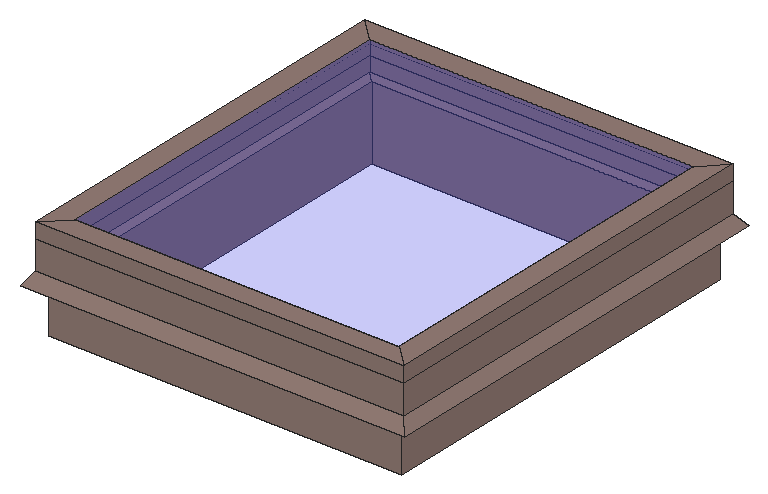
Revit family
Parameters (values of type "0610 x 0686mm")
  Sash Material = Metal - Bronze, Light Brush
  Glass Pane Material = Glass
  Height = 686.00 mm
  Type Comments = ""
  Width = 610.00 mm
  Frame Material = Metal - Bronze, Light Brush
Types (6, lengths in mm): name | Height | Width
  (no name) | 686.00 | 610.00
  0711 x 0965mm | 965.00 | 711.00
  0610 x 0686mm | 686.00 | 610.00
  0406 x 1170mm | 1170.00 | 406.00
  1180 x 1170mm | 1170.00 | 1118.00
  0711 x 1830mm | 1830.00 | 711.00
Reference planes
  plane 1 "Roof": z = 3657.6
  plane 2 "Right": x = 279.84
  plane 3 "Left": x = -330.16
  plane 4 "Top": y = 395.504
  plane 5 "Bottom": y = -290.496
  plane 6 "Face": z = 3810
  plane 7 "Center (Left/Right)": x = -25.16
  plane 8 "Center (Front/Back)": y = 52.504
Forms (mm)
  Sweep 1, solid, material "Metal - Bronze, Light Brush" <- "Frame Material"
    path origin (0, 0, 3810) x (-1, 0, 0) y (0, -1, 0)
      loop
        line (330.16, 290.496) -> (-279.84, 290.496) -> (-279.84, -395.504) -> (330.16, -395.504) -> (330.16, 290.496)
    profile origin (-25.16, 0, 3810) x (0, 1, 0) y (0, 0, 1)
      loop
        line (-246.046, 0) -> (-246.046, 127) -> (-265.096, 127) -> (-265.096, 152.4) -> (-290.496, 152.4) -> (-290.496, 0) -> (-246.046, 0)
  Sweep 2, solid, material "Metal - Bronze, Light Brush" <- "Sash Material"
    path origin (0, 0, 3810) x (-1, 0, 0) y (0, -1, 0)
      loop
        line (330.16, -395.504) -> (330.16, 290.496) -> (-279.84, 290.496) -> (-279.84, -395.504) -> (330.16, -395.504)
    profile origin (-25.16, 0, 3810) x (0, 1, 0) y (0, 0, 1)
      loop
        line (370.104, 152.4) -> (395.504, 152.4) -> (401.854, 152.4) -> (401.854, 99.598) -> (417.571, 77.151) -> (422.773, 80.794) -> (408.204, 101.6) -> (408.204, 152.4) -> (408.204, 177.8) -> (370.104, 177.8) -> (370.104, 152.4)
  Extrusion 3, solid, material "Glass" <- "Glass Pane Material"
    sketch origin (-304.76, -265.096, 3987.8) x (0, 1, 0) y (-1, 0, 0)
      loop
        line (0, 0) -> (0, -559.2) -> (635.2, -559.2) -> (635.2, 0) -> (0, 0)
    from 0 to -6.35
Lines and regions (mm)
  Opening 1
    outline origin (0, 0, 3810) x (0, 1, 0) y (-1, 0, 0)
      loop
        line (351.054, 285.71) -> (-246.046, 285.71) -> (-246.046, -235.39) -> (351.054, -235.39) -> (351.054, 285.71)
  sketch lines
    curve 1: line (-1599.76, 1436.904, 0) -> (1448.24, 1436.904, 0)
    curve 2: line (-1599.76, 1436.904, 0) -> (-1599.76, -1611.096, 0)
    curve 3: line (-1599.76, -1611.096, 0) -> (1448.24, -1611.096, 0)
    curve 4: line (1448.24, 1436.904, 0) -> (1448.24, -1611.096, 0)
  symbolic lines, style "WindowsFrameMullionProjection"
    curve 5: line (-330.16, 395.504, 3810) -> (279.84, 395.504, 3810)
    curve 6: line (-330.16, -290.496, 3810) -> (-330.16, 395.504, 3810)
    curve 7: line (279.84, -290.496, 3810) -> (-330.16, -290.496, 3810)
    curve 8: line (279.84, 395.504, 3810) -> (279.84, -290.496, 3810)
    curve 9: line (-304.76, 370.104, 3810) -> (254.44, 370.104, 3810)
    curve 10: line (-304.76, -265.096, 3810) -> (-304.76, 370.104, 3810)
    curve 11: line (254.44, -265.096, 3810) -> (-304.76, -265.096, 3810)
    curve 12: line (254.44, 370.104, 3810) -> (254.44, -265.096, 3810)
Dimensions and locks
  curve 2 to curve 4 = 3048.00 mm
  curve 3 to curve 1 = 3048.00 mm
  "Width": plane 3 "Left" to plane 2 "Right"
  "Height": plane 5 "Bottom" to plane 4 "Top"
  equal spacing: plane 3 "Left", plane 7 "Center (Left/Right)", plane 2 "Right"
  equal spacing: plane 5 "Bottom", plane 8 "Center (Front/Back)", plane 4 "Top"
  aligned and locked: level to plane 1 "Roof"
  aligned and locked: plane 6 "Face" to host roof
Automatic sketch dimensions
  Opening 1 sketch curve to plane 3 "Left" = 44.45 mm
  plane 5 "Bottom" to Opening 1 sketch curve = 44.45 mm
  plane 4 "Top" to Opening 1 sketch curve = 44.45 mm
  plane 2 "Right" to Opening 1 sketch curve = 44.45 mm
  Sweep 1 sketch curve to plane 2 "Right" = 0.00 mm
  Sweep 1 sketch curve to plane 3 "Left" = 0.00 mm
  Sweep 1 sketch curve to plane 4 "Top" = 0.00 mm
  Sweep 1 sketch curve to plane 5 "Bottom" = 0.00 mm
  Sweep 1 sketch curve to plane 6 "Face" = 0.00 mm
  Sweep 1 sketch curve to profile plane = 0.00 mm
  Sweep 1 sketch curve to profile plane = 25.40 mm
  Sweep 1 sketch curve to Sweep 1 sketch curve = 19.05 mm
  Sweep 1 sketch curve to plane 6 "Face" = 127.00 mm
  Sweep 1 sketch curve to Sweep 1 sketch curve = 25.40 mm
  Sweep 2 sketch curve to plane 2 "Right" = 0.00 mm
  Sweep 2 sketch curve to plane 3 "Left" = 0.00 mm
  Sweep 2 sketch curve to plane 4 "Top" = 0.00 mm
  Sweep 2 sketch curve to plane 5 "Bottom" = 0.00 mm
  Sweep 2 sketch curve to profile plane = 0.00 mm
  profile plane to Sweep 2 sketch curve = 25.40 mm
  Sweep 2 sketch curve to profile plane = 6.35 mm
  Sweep 2 sketch curve to profile plane = 12.70 mm
  Sweep 2 sketch curve to profile plane = 22.067 mm
  Sweep 2 sketch curve to Sweep 2 sketch curve = 5.202 mm
  Sweep 2 sketch curve to plane 6 "Face" = 77.151 mm
  Sweep 2 sketch curve to Sweep 2 sketch curve = 3.642 mm
  Sweep 2 sketch curve to Sweep 2 sketch curve = 50.80 mm
  Sweep 2 sketch curve to Sweep 2 sketch curve = 0.00 mm
  Sweep 2 sketch curve to Sweep 2 sketch curve = 25.40 mm
  plane 2 "Right" to Extrusion 3 sketch curve = 25.40 mm
  plane 5 "Bottom" to Extrusion 3 sketch curve = 25.40 mm
  Extrusion 3 sketch curve to plane 3 "Left" = 25.40 mm
  plane 4 "Top" to Extrusion 3 sketch curve = 25.40 mm
  curve 5 to plane 3 "Left" = 0.00 mm
  curve 8 to plane 2 "Right" = 0.00 mm
  curve 7 to plane 5 "Bottom" = 0.00 mm
  curve 6 to plane 4 "Top" = 0.00 mm
  curve 9 to plane 3 "Left" = 25.40 mm
  plane 2 "Right" to curve 9 = 25.40 mm
  plane 5 "Bottom" to curve 11 = 25.40 mm
  plane 4 "Top" to curve 9 = 25.40 mm
